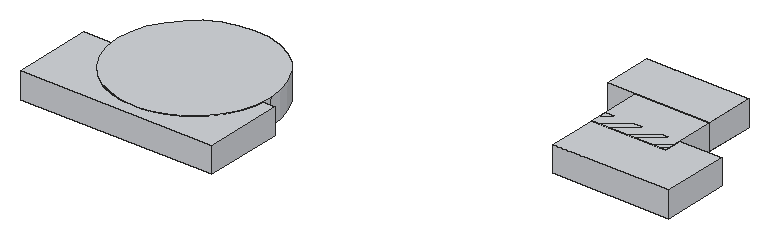
Revit family "Revit_Macro_Family_Samples", category Generic Models, Revit 2024
Family settings
  Can host rebar = No
  Round Connector Dimension = Use Diameter
  Part Type = Normal
  Work Plane-Based = No
  Always vertical = Yes
  Cut with Voids When Loaded = No
  Maintain Annotation Orientation = No
  Shared = No
  Room Calculation Point = No
Parameters
  angleee = 0.001°
  Shared_Number [instance] = 0
  Shared_Length [instance] = 0' - 0"
  Inttttt = 5
  FamilyParam2 [instance] = ""
  FamilyParam1 = ""
  Default Elevation = 0' - 0"
Reference planes (in)
  plane 1 "Center (Front/Back)": y = 0
  plane 2: z = 0
  plane 3 "Center (Left/Right)": x = 0
Forms (in)
  Extrusion 1, void
    sketch origin (-239.74321, 541.90752, 0) x (1, 0, 0) y (0, 1, 0)
      loop
        line (-11.88074, 41.21303) -> (-11.88074, 3.21303) -> (65.06563, 3.21303) -> (65.06563, 41.21303) -> (-11.88074, 41.21303)
    from 0 to 12
  Extrusion 2, void
    sketch origin (-239.74321, 541.90752, 0) x (1, 0, 0) y (0, 1, 0)
      loop
        line (12.4296, -12.97129) -> (12.4296, -74.97129) -> (60.4296, -74.97129) -> (60.4296, -12.97129) -> (12.4296, -12.97129)
    from 0 to 12
  Extrusion 3, solid
    sketch origin (210.89052, 423.59151, 0) x (1, 0, 0) y (0, 1, 0)
      loop
        line (-496.51448, 145.96961) -> (-496.51448, 123.08618) -> (-448.51448, 123.08618) -> (-448.51448, 145.96961) -> (-496.51448, 145.96961)
    from 0 to 12
  Extrusion 4, solid
    sketch origin (210.89052, 423.59151, 0) x (1, 0, 0) y (0, 1, 0)
      loop
        line (-483.20017, 97.17121) -> (-448.51448, 97.17121) -> (-448.51448, 145.96961) -> (-483.20017, 145.96961) -> (-483.20017, 97.17121)
    from 0 to 12
  Extrusion 5, solid
    sketch origin (210.89052, 423.59151, 0) x (1, 0, 0) y (0, 1, 0)
      loop
        line (-483.20017, 74.35284) -> (-428.71487, 74.35284) -> (-428.71487, 105.34472) -> (-483.20017, 105.34472) -> (-483.20017, 74.35284)
    from 0 to 12
  Extrusion 6, solid
    sketch origin (210.89052, 423.59151, 0) x (1, 0, 0) y (0, 1, 0)
      loop
        circle (-622.26297, 36.74085) r 36
    from 0 to 12
  Extrusion 7, solid
    sketch origin (210.89052, 423.59151, 0) x (1, 0, 0) y (0, 1, 0)
      loop
        line (-670.82189, 32.35284) -> (-670.82189, -4.93253) -> (-580.82189, -4.93253) -> (-580.82189, 32.35284) -> (-670.82189, 32.35284)
    from 0 to 12
